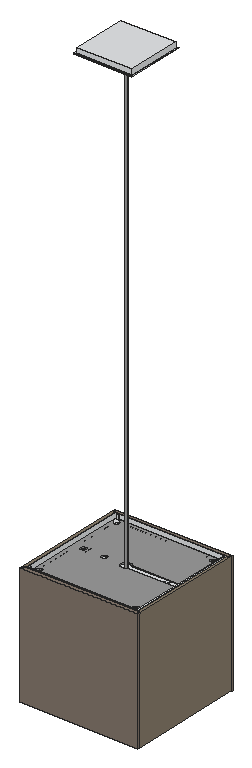
Revit family "Lighting - Lumetta - Pendant - P1112A", category Lighting Fixtures, host Ceiling, Revit 2015
Parameters
  Wattage = 14.4067 W
  built-in parameter 1150110 = 1 (stored number, unit not read)
  URL = "https://lumetta.com/luminaires/linear-acoustic-box-pendant-lighting/"
  built-in parameter 1114217 = 1 (stored number, unit not read)
  Top Lens-Material [instance] = Acrylic - 2447 - White
  Top Lens [instance] = yes
  built-in parameter 1150109 = 1 (stored number, unit not read)
  built-in parameter 1150134 = (empty or 0)
  Suspension [instance] = 1
  built-in parameter 1150113 = 1 (stored number, unit not read)
  P1112A URL [instance] = "https://lumetta.com/luminaires/linear-acoustic-box-pendant-lighting/"
  NON Stem Canopy [instance] = not(Suspension = 3)  # yes
  Model = "P1112A"  # constant formula
  Manufacturer = "Lumetta, Inc."  # constant formula
  Lumens = 2140 lm
  built-in parameter 1150115 = 1 (stored number, unit not read)
  built-in parameter 1150105 = 170.3 (stored number, unit not read)
  Light Source Symbol Size = 0' - 1"
  built-in parameter 1150137 = (empty or 0)
  built-in parameter 1150139 = (empty or 0)
  built-in parameter 1150112 = 1 (stored number, unit not read)
  built-in parameter 1150114 = 1 (stored number, unit not read)
  built-in parameter 1150132 = 2
  built-in parameter 1150102 = (empty or 0)
  built-in parameter 1150138 = (empty or 0)
  built-in parameter 1150107 = 3000 (stored number, unit not read)
  built-in parameter 1150106 = 1.703 (stored number, unit not read)
  Frame Finish [instance] = Paint - Lumetta - F11 - PC_White
  Fixture Drop [instance] = 4' - 0"
  built-in parameter 1150104 = 13.8 (stored number, unit not read)
  Dimming Lamp Color Temperature Shift = (empty or 0)
  Diffuser Material-Shade 1 [instance] = Shade - Lumetta - D806-AC-Yellow
  Diffuser Material-Shade 2 [instance] = Shade - Lumetta - D807-AC-Pumpkin
  Description = "Linear Acoustic Box 12'' Pendant"  # constant formula
  Coupling-Stems over 60 inches [instance] = and(Stem Hung, Fixture Drop > 5' 0")  # no
  Cord Color [instance] = Cord, Black
  Cone Nut-STD-2-3Wire [instance] = Suspension = 1  # yes
  Color Filter = 16777215
  Bushing-LED-4Wire [instance] = Suspension = 2  # no
  Bottom Lens-Material [instance] = Acrylic - P95 - Etched White
  Bottom Lens [instance] = no
  built-in parameter 1114218 = 1 (stored number, unit not read)
  built-in parameter 1150133 = 10 (stored number, unit not read)
  Stem Hung [instance] = Suspension = 3  # no
  1CRD-LED-4Wire [instance] = or(Suspension = 1, Suspension = 2)  # yes
  1 CRD-STD [instance] = or(Suspension = 1, Suspension = 2)  # yes
Reference planes (in)
  plane 1 "Light Source Axis (F/B)": y = 0
  plane 2 "Ceiling": z = 98.08023
  plane 3 "Light Source Axis (L/R)": x = 0
  plane 4 "Light Source Elevation": z = 47.45523
  plane 5 "Fixture Top": z = 50.08023
  plane 6 "Fixture-Height": z = 37.58023
  plane 7 "Lamping Start": z = 47.38052
  plane 8 "Frame Length-Left": x = -5.75
  plane 9 "Frame Length-Right": x = 5.75
  plane 10 "Frame Width-TOP": y = 5.75
  plane 11 "Frame Width-BTM": y = -5.75
  plane 12 "Shadow Tabs": through (-5.75, -5.75, 90) normal (-0.7071, 0.7071, 0)
Forms (in)
  Extrusion 1, solid, material "Paint - Lumetta - F11 - PC_White" <- "Frame Finish", visible <- "NON Stem Canopy"
    sketch origin (0, 0, 98.08023) x (1, 0, 0) y (0, 1, 0)
      loop
        line (-2.875, -2.875) -> (2.875, -2.875) -> (2.875, 2.875) -> (-2.875, 2.875) -> (-2.875, -2.875)
    from 0 to -0.51061
  Extrusion 2, solid, material "Paint - Lumetta - F11 - PC_White" <- "Frame Finish"
    sketch origin (0, 0, 37.58023) x (-1, 0, 0) y (0, -1, 0)
      loop
        line (5.75, -5.75) -> (5.75, 5.75) -> (-5.75, 5.75) -> (-5.75, -5.75) -> (5.75, -5.75)
      loop
        arc (5.14063, -5.25) -> (5.21796, -5.21796) -> (5.25, -5.14063) r 0.10938
        line (5.25, -5.14063) -> (5.25, 5.14062)
        arc (5.25, 5.14062) -> (5.21796, 5.21796) -> (5.14063, 5.25) r 0.10938
        line (5.14063, 5.25) -> (-5.14062, 5.25)
        arc (-5.14062, 5.25) -> (-5.21796, 5.21796) -> (-5.25, 5.14062) r 0.10938
        line (-5.25, 5.14062) -> (-5.25, -5.14063)
        arc (-5.25, -5.14063) -> (-5.21796, -5.21796) -> (-5.14062, -5.25) r 0.10938
        line (-5.14062, -5.25) -> (5.14063, -5.25)
    from 0 to 0.39015
  Extrusion 3, void
    sketch origin (0, 0, 37.58023) x (-1, 0, 0) y (0, -1, 0)
      loop
        line (5.6875, -5.6875) -> (5.6875, 5.6875) -> (-5.6875, 5.6875) -> (-5.6875, -5.6875) -> (5.6875, -5.6875)
    from 0.0625 to 0.64163
  Extrusion 4, solid, material "Paint - Lumetta - F11 - PC_White" <- "Frame Finish"
    sketch origin (0, 0, 36.01773) x (0, -1, 0) y (1, 0, 0)
      loop
        line (-5.75, 5.75) -> (-5.75, 5.3125) -> (-5.6875, 5.3125) -> (-5.6875, 5.6875) -> (-5.3125, 5.6875) -> (-5.3125, 5.75) -> (-5.75, 5.75)
      loop
        line (-5.75, -5.75) -> (-5.3125, -5.75) -> (-5.3125, -5.6875) -> (-5.6875, -5.6875) -> (-5.6875, -5.3125) -> (-5.75, -5.3125) -> (-5.75, -5.75)
      loop
        line (5.75, -5.75) -> (5.75, -5.3125) -> (5.6875, -5.3125) -> (5.6875, -5.6875) -> (5.3125, -5.6875) -> (5.3125, -5.75) -> (5.75, -5.75)
      loop
        line (5.75, 5.75) -> (5.3125, 5.75) -> (5.3125, 5.6875) -> (5.6875, 5.6875) -> (5.6875, 5.3125) -> (5.75, 5.3125) -> (5.75, 5.75)
    from 1.5625 to 14.0625
  Extrusion 5, solid, material "Paint - Lumetta - F11 - PC_White" <- "Frame Finish", visible <- "NON Stem Canopy"
    sketch origin (18, 0.5, 98.08023) x (1, 0, 0) y (0, 1, 0)
      loop
        line (-21, -3.5) -> (-15, -3.5) -> (-15, 2.5) -> (-21, 2.5) -> (-21, -3.5)
      loop
        circle (-18, -0.5) r 0.34375
    from -0.58679 to -0.51061
  Revolve 6, solid, material "Paint - Lumetta - F11 - PC_White" <- "Frame Finish", visible <- "Cone Nut-STD-2-3Wire"
    sketch origin (0, 0, 0) x (1, 0, 0) y (0, 0, 1)
      loop
        line (0, 97.49343) -> (0, 96.99343) -> (0.28122, 96.99343) -> (0.37341, 97.49343) -> (0, 97.49343)
      axis (0, 96.99343) -> (0, 97.49343)
    angle from 0 to 360
  Extrusion 7, solid, material "Cord, Black" <- "Cord Color", visible <- "1 CRD-STD"
    sketch origin (0, 0, 98.08023) x (1, 0, 0) y (0, 1, 0)
      loop
        circle (0, 0) r 0.1566
    from -0.51061 to -49.03586
  Extrusion 8, solid, material "Paint - Lumetta - F11 - PC_White" <- "Frame Finish", visible <- "Stem Hung"
    sketch origin (0, 0, 98.08023) x (1, 0, 0) y (0, 1, 0)
      loop
        circle (0, 0) r 0.25
    from 0 to -48.56826
  Revolve 9, solid, material "Paint - Lumetta - F11 - PC_White" <- "Frame Finish", visible <- "Stem Hung"
    sketch origin (0, 0, 0) x (1, 0, 0) y (0, 0, 1)
      loop
        line (0, 95.47477) -> (0.34943, 95.47477)
        arc (0.34943, 95.47477) -> (0.55736, 95.72688) -> (0.60533, 96.05014) r 0.61
        line (0.60533, 96.05014) -> (0, 96.05014) -> (0, 95.47477)
      axis (0, 95.47477) -> (0, 96.05014)
    angle from 0 to 360
  Extrusion 10, solid, material "Paint - Lumetta - F11 - PC_White" <- "Frame Finish", visible <- "Bushing-LED-4Wire"
    sketch origin (0, 0, 98.08023) x (1, 0, 0) y (0, 1, 0)
      loop
        circle (0, 0) r 0.37341
      loop
        circle (0, 0) r 0.25
    from -0.66289 to -0.58679
  Extrusion 11, solid, material "Shade - Lumetta - D807-AC-Pumpkin" <- "Diffuser Material-Shade 2"
    sketch origin (0, 0, 50.08023) x (0, -1, 0) y (1, 0, 0)
      loop
        line (-5.75, -5.9375) -> (-5.75, 5.9375) -> (-5.9375, 5.9375) -> (-5.9375, 6.125) -> (-6.125, 6.125) -> (-6.125, -6.125) -> (-5.9375, -6.125) -> (-5.9375, -5.9375) -> (-5.75, -5.9375)
      loop
        line (5.75, -5.9375) -> (5.9375, -5.9375) -> (5.9375, -6.125) -> (6.125, -6.125) -> (6.125, 6.125) -> (5.9375, 6.125) -> (5.9375, 5.9375) -> (5.75, 5.9375) -> (5.75, -5.9375)
    from -12.5 to 0
  Extrusion 12, solid, material "Acrylic - P95 - Etched White" <- "Bottom Lens-Material", visible <- "Bottom Lens"
    sketch origin (0, 0, 37.58023) x (-1, 0, 0) y (0, -1, 0)
      loop
        line (5.5, -5.5) -> (5.5, 5.5) -> (-5.5, 5.5) -> (-5.5, -5.5) -> (5.5, -5.5)
    from 0.0625 to 0.1875
  Extrusion 13, solid, material "Paint - Lumetta - F11 - PC_White" <- "Frame Finish", visible <- "Stem Hung"
    sketch origin (0, 0, 98.08023) x (1, 0, 0) y (0, 1, 0)
      loop
        line (-3, 3) -> (-3, -3) -> (3, -3) -> (3, 3) -> (-3, 3)
      loop
        circle (0, 0) r 0.53125
    from -2.30546 to -2.23116
  Extrusion 14, solid, material "Paint - Lumetta - F11 - PC_White" <- "Frame Finish", visible <- "Stem Hung"
    sketch origin (0, 0, 98.08023) x (1, 0, 0) y (0, 1, 0)
      loop
        line (-2.875, 2.875) -> (-2.875, -2.875) -> (2.875, -2.875) -> (2.875, 2.875) -> (-2.875, 2.875)
    from -2.23116 to 0
  Extrusion 15, solid, material "Paint - Lumetta - F11 - PC_White"
    sketch origin (0, 0, 50.08023) x (0, -1, 0) y (1, 0, 0)
      loop
        circle (0, 4.4375) r 0.09399
      loop
        circle (0, -4.4375) r 0.09391
      loop
        line (-1.25, -4.8125) -> (1.25, -4.8125) -> (1.25, 4.8125) -> (-1.25, 4.8125) -> (-1.25, -4.8125)
    from -0.56826 to -0.50686
  Extrusion 16, solid, material "Paint - Lumetta - F11 - PC_White" <- "Frame Finish"
    sketch origin (0, 0, 50.08023) x (0, -1, 0) y (1, 0, 0)
      loop
        line (-5.75, -5.75) -> (5.75, -5.75) -> (5.75, 5.75) -> (-5.75, 5.75) -> (-5.75, -5.75)
      loop
        line (-0.48919, -4.0625) -> (0.5, -4.0625) -> (0.94857, -5.02446)
        arc (0.94857, -5.02446) -> (1.09271, -5.18882) -> (1.3026, -5.25) r 0.39063
        line (1.3026, -5.25) -> (4.05695, -5.25)
        arc (4.05695, -5.25) -> (4.20643, -5.22027) -> (4.33316, -5.13559) r 0.39063
        line (4.33316, -5.13559) -> (5.13559, -4.33316)
        arc (5.13559, -4.33316) -> (5.22027, -4.20643) -> (5.25, -4.05695) r 0.39063
        line (5.25, -4.05695) -> (5.25, 4.05695)
        arc (5.25, 4.05695) -> (5.22027, 4.20643) -> (5.13559, 4.33316) r 0.39063
        line (5.13559, 4.33316) -> (4.33316, 5.13559)
        arc (4.33316, 5.13559) -> (4.20643, 5.22027) -> (4.05695, 5.25) r 0.39063
        line (4.05695, 5.25) -> (1.3026, 5.25)
        arc (1.3026, 5.25) -> (1.09271, 5.18882) -> (0.94857, 5.02446) r 0.39063
        line (0.94857, 5.02446) -> (0.5, 4.0625) -> (-0.48919, 4.0625) -> (-0.93776, 5.02446)
        arc (-0.93776, 5.02446) -> (-1.0819, 5.18882) -> (-1.29178, 5.25) r 0.39063
        line (-1.29178, 5.25) -> (-4.05695, 5.25)
        arc (-4.05695, 5.25) -> (-4.20643, 5.22027) -> (-4.33316, 5.13559) r 0.39063
        line (-4.33316, 5.13559) -> (-5.13559, 4.33316)
        arc (-5.13559, 4.33316) -> (-5.22027, 4.20643) -> (-5.25, 4.05695) r 0.39063
        line (-5.25, 4.05695) -> (-5.25, -4.05695)
        arc (-5.25, -4.05695) -> (-5.22027, -4.20643) -> (-5.13559, -4.33316) r 0.39063
        line (-5.13559, -4.33316) -> (-4.33316, -5.13559)
        arc (-4.33316, -5.13559) -> (-4.20643, -5.22027) -> (-4.05695, -5.25) r 0.39063
        line (-4.05695, -5.25) -> (-1.29178, -5.25)
        arc (-1.29178, -5.25) -> (-1.0819, -5.18882) -> (-0.93776, -5.02446) r 0.39063
        line (-0.93776, -5.02446) -> (-0.48919, -4.0625)
      loop
        circle (0, -4.4375) r 0.09489
      loop
        circle (0, 4.4375) r 0.09546
      loop
        circle (-5.0021, -5) r 0.10938
      loop
        circle (-5.0021, 5) r 0.10938
      loop
        circle (5.0021, -5) r 0.10938
      loop
        circle (5.0021, 5) r 0.10938
    from -0.50686 to 0
  Extrusion 17, solid, material "Acrylic - 2447 - White" <- "Top Lens-Material", visible <- "Top Lens"
    sketch origin (0, 0, 50.08023) x (0, -1, 0) y (1, 0, 0)
      loop
        arc (-5.59375, -5.04511) -> (-5.55517, -5.10286) -> (-5.48706, -5.08931) r 0.0625
        line (-5.48706, -5.08931) -> (-5.19887, -4.80113)
        arc (-5.19887, -4.80113) -> (-4.80113, -4.80113) -> (-4.80113, -5.19887) r 0.28125
        line (-4.80113, -5.19887) -> (-5.08931, -5.48706)
        arc (-5.08931, -5.48706) -> (-5.10286, -5.55517) -> (-5.04511, -5.59375) r 0.0625
        line (-5.04511, -5.59375) -> (5.04511, -5.59375)
        arc (5.04511, -5.59375) -> (5.10286, -5.55517) -> (5.08931, -5.48706) r 0.0625
        line (5.08931, -5.48706) -> (4.80113, -5.19887)
        arc (4.80113, -5.19887) -> (4.80113, -4.80113) -> (5.19887, -4.80113) r 0.28125
        line (5.19887, -4.80113) -> (5.48706, -5.08931)
        arc (5.48706, -5.08931) -> (5.55517, -5.10286) -> (5.59375, -5.04511) r 0.0625
        line (5.59375, -5.04511) -> (5.59375, 5.04511)
        arc (5.59375, 5.04511) -> (5.55517, 5.10286) -> (5.48706, 5.08931) r 0.0625
        line (5.48706, 5.08931) -> (5.19887, 4.80113)
        arc (5.19887, 4.80113) -> (4.80113, 4.80113) -> (4.80113, 5.19887) r 0.28125
        line (4.80113, 5.19887) -> (5.08931, 5.48706)
        arc (5.08931, 5.48706) -> (5.10286, 5.55517) -> (5.04511, 5.59375) r 0.0625
        line (5.04511, 5.59375) -> (0.26563, 5.59375) -> (0.26563, 0.42361)
        arc (0.26563, 0.42361) -> (0, -0.5) -> (-0.26563, 0.42361) r 0.5
        line (-0.26563, 0.42361) -> (-0.26563, 5.59375) -> (-5.04511, 5.59375)
        arc (-5.04511, 5.59375) -> (-5.10286, 5.55517) -> (-5.08931, 5.48706) r 0.0625
        line (-5.08931, 5.48706) -> (-4.80113, 5.19887)
        arc (-4.80113, 5.19887) -> (-4.80113, 4.80113) -> (-5.19887, 4.80113) r 0.28125
        line (-5.19887, 4.80113) -> (-5.48706, 5.08931)
        arc (-5.48706, 5.08931) -> (-5.55517, 5.10286) -> (-5.59375, 5.04511) r 0.0625
        line (-5.59375, 5.04511) -> (-5.59375, -5.04511)
      loop
        circle (0, -2.25) r 0.28125
      loop
        circle (0, -4.4375) r 0.28125
    from -0.44014 to -0.38558
  Revolve 18, solid, material "Paint - Lumetta - F11 - PC_White" <- "Frame Finish", visible <- "Coupling-Stems over 60 inches"
    sketch origin (0, 0, 0) x (1, 0, 0) y (0, 0, 1)
      loop
        line (0, 110.34339) -> (0, 109.82777) -> (0.2625, 109.82777)
        arc (0.2625, 109.82777) -> (0.31245, 109.87549) -> (0.26706, 109.92756) r 0.05
        arc (0.26706, 109.92756) -> (0.29372, 110.08584) -> (0.26313, 110.2434) r 0.45
        arc (0.26313, 110.2434) -> (0.3125, 110.29371) -> (0.2625, 110.34339) r 0.05
        line (0.2625, 110.34339) -> (0, 110.34339)
      axis (0, 109.82777) -> (0, 110.34339)
    angle from 0 to 360
  Revolve 19, solid, material "Paint - Lumetta - F11 - PC_White" <- "Frame Finish", visible <- "Bushing-LED-4Wire"
    sketch origin (0, 0, 0) x (1, 0, 0) y (0, 0, 1)
      loop
        arc (-1.9375, 97.14968) -> (-1.75, 97.33718) -> (-1.9375, 97.52468) r 0.1875
        line (-1.9375, 97.52468) -> (-1.9375, 97.14968)
      axis (-1.9375, 97.52468) -> (-1.9375, 97.14968)
    angle from 0 to 360
  Revolve 20, solid, material "Paint - Lumetta - F11 - PC_White" <- "Frame Finish", visible <- "Bushing-LED-4Wire"
    sketch origin (0, 0, 0) x (-1, 0, 0) y (0, 0, 1)
      loop
        arc (-1.9375, 97.14968) -> (-1.75, 97.33718) -> (-1.9375, 97.52468) r 0.1875
        line (-1.9375, 97.52468) -> (-1.9375, 97.14968)
      axis (-1.9375, 97.52468) -> (-1.9375, 97.14968)
    angle from 0 to 360
  Revolve 21, solid, material "Paint - Lumetta - F11 - PC_White" <- "Frame Finish", visible <- "Stem Hung"
    sketch origin (0, 0, -1.71866) x (1, 0, 0) y (0, 0, 1)
      loop
        arc (-1.9375, 97.14968) -> (-1.75, 97.33718) -> (-1.9375, 97.52468) r 0.1875
        line (-1.9375, 97.52468) -> (-1.9375, 97.14968)
      axis (-1.9375, 97.52468) -> (-1.9375, 97.14968)
    angle from 0 to 360
  Revolve 22, solid, material "Paint - Lumetta - F11 - PC_White" <- "Frame Finish", visible <- "Stem Hung"
    sketch origin (0, 0, -1.71866) x (-1, 0, 0) y (0, 0, 1)
      loop
        arc (-1.9375, 97.14968) -> (-1.75, 97.33718) -> (-1.9375, 97.52468) r 0.1875
        line (-1.9375, 97.52468) -> (-1.9375, 97.14968)
      axis (-1.9375, 97.52468) -> (-1.9375, 97.14968)
    angle from 0 to 360
  Extrusion 23, void
    sketch origin (0, 0, 50.08023) x (0, -1, 0) y (1, 0, 0)
      loop
        line (-5.6875, -5.6875) -> (5.6875, -5.6875) -> (5.6875, 5.6875) -> (-5.6875, 5.6875) -> (-5.6875, -5.6875)
    from -0.44014 to 0
  Extrusion 24, solid, material "Shade - Lumetta - D806-AC-Yellow" <- "Diffuser Material-Shade 1"
    sketch origin (0, 0, 50.08023) x (0, -1, 0) y (1, 0, 0)
      loop
        line (-5.9375, 6.125) -> (-5.9375, 5.9375) -> (-5.75, 5.9375) -> (-5.75, 5.75) -> (5.75, 5.75) -> (5.75, 5.9375) -> (5.9375, 5.9375) -> (5.9375, 6.125) -> (-5.9375, 6.125)
      loop
        line (-5.9375, -6.125) -> (5.9375, -6.125) -> (5.9375, -5.9375) -> (5.75, -5.9375) -> (5.75, -5.75) -> (-5.75, -5.75) -> (-5.75, -5.9375) -> (-5.9375, -5.9375) -> (-5.9375, -6.125)
    from -12.5 to 0
Cuts and joins
  Extrusion 3 cuts Extrusion 2
  Extrusion 23 cuts Extrusion 4
  Extrusion 23 cuts Extrusion 16
Dimensions and locks (in)
  equal spacing: host sketch curve, plane 3 "Light Source Axis (L/R)", host sketch curve
  equal spacing: host sketch curve, plane 1 "Light Source Axis (F/B)", host sketch curve
  host sketch curve to host sketch curve = 10' - 0"  (x2)
  locked: plane 5 "Fixture Top" to plane 4 "Light Source Elevation" at 2.625
  plane 5 "Fixture Top" to plane 6 "Fixture-Height" = 1' - 0 1/2"
  locked: Extrusion 5 to Revolve 6 sketch curve at 0.5
  locked: Extrusion 10 sketch curve to plane 3 "Light Source Axis (L/R)" at 0
  plane 5 "Fixture Top" to plane 7 "Lamping Start" = 0' - 2.69971"
  locked: cut or joined group of Extrusion 2, Extrusion 3 to plane 6 "Fixture-Height" at 0.0625
  plane 3 "Light Source Axis (L/R)" to Revolve 6 sketch curve = 0' - 0"
  Extrusion 7 sketch curve to plane 3 "Light Source Axis (L/R)" = 0' - 0"
  equal spacing: plane 8 "Frame Length-Left", plane 3 "Light Source Axis (L/R)", plane 9 "Frame Length-Right"
  locked: plane 8 "Frame Length-Left" to plane 9 "Frame Length-Right" at 11.5
  equal spacing: plane 10 "Frame Width-TOP", plane 1 "Light Source Axis (F/B)", plane 11 "Frame Width-BTM"
  locked: plane 10 "Frame Width-TOP" to plane 11 "Frame Width-BTM" at 11.5
  locked: Extrusion 4 sketch curve to plane 8 "Frame Length-Left" at 0  (x2)
  locked: Extrusion 4 sketch curve to plane 10 "Frame Width-TOP" at 0  (x2)
  Extrusion 4 sketch curve to plane 11 "Frame Width-BTM" = 0' - 0"
  locked: Extrusion 4 sketch curve to plane 9 "Frame Length-Right" at 0  (x2)
  locked: Extrusion 4 sketch curve to plane 11 "Frame Width-BTM" at 0
  locked: Extrusion 4 sketch curve to plane 10 "Frame Width-TOP" at 0.4375
  locked: Extrusion 4 sketch curve to plane 11 "Frame Width-BTM" at 0.4375
  locked: plane 10 "Frame Width-TOP" to Extrusion 4 sketch curve at 0.4375
  locked: plane 11 "Frame Width-BTM" to Extrusion 4 sketch curve at 0.4375
  locked: plane 8 "Frame Length-Left" to Extrusion 3 sketch curve at 0.0625
  locked: Extrusion 3 sketch curve to plane 9 "Frame Length-Right" at 0.0625
  locked: plane 8 "Frame Length-Left" to Extrusion 2 sketch curve
  locked: Extrusion 2 sketch curve to Extrusion 2 sketch curve at 0.5  (x2)
  locked: Extrusion 2 sketch curve to plane 9 "Frame Length-Right"
  locked: Extrusion 12 sketch curve to plane 9 "Frame Length-Right" at 0.25
  locked: Extrusion 12 sketch curve to plane 10 "Frame Width-TOP" at 0.25
  locked: Extrusion 12 sketch curve to plane 11 "Frame Width-BTM" at 0.25
  locked: plane 8 "Frame Length-Left" to Extrusion 12 sketch curve at 0.25
  equal spacing: Extrusion 5 sketch curve, plane 1 "Light Source Axis (F/B)", Extrusion 5 sketch curve
  equal spacing: Extrusion 5 sketch curve, plane 3 "Light Source Axis (L/R)", Extrusion 5 sketch curve
  locked: Extrusion 5 sketch curve to Extrusion 5 sketch curve at 6  (x2)
  locked: Extrusion 5 to Extrusion 1 sketch curve at 0.125  (x3)
  locked: Extrusion 1 sketch curve to Extrusion 5 at 0.125
  locked: plane 6 "Fixture-Height" to Extrusion 11 at 0
  locked: Extrusion 4 to plane 6 "Fixture-Height" at 0
  Extrusion 10 sketch curve to Extrusion 10 sketch curve = 0' - 0"
  locked: Revolve 6 sketch curve to Revolve 6 sketch curve at 0
  locked: Revolve 6 sketch curve to Revolve 6 sketch curve at 0.28122
  locked: Revolve 6 sketch curve to Revolve 6 sketch curve at 0.37341
  Extrusion 5 to Revolve 9 sketch curve = 0' - 2.01866"
  locked: plane 3 "Light Source Axis (L/R)" to Revolve 9 sketch curve at 0
  locked: plane 2 "Ceiling" to Extrusion 1 at 0.51061
  locked: Extrusion 1 to Extrusion 5 at 0.07619
  locked: Extrusion 5 to Extrusion 10 at 0.07609
  locked: Extrusion 13 sketch curve to Extrusion 5  (x4)
  locked: Extrusion 13 to Extrusion 13 at 0.07429
  locked: plane 2 "Ceiling" to Extrusion 13 at 2.23116
  locked: Extrusion 13 to Extrusion 14 sketch curve at 0.125  (x3)
  locked: Extrusion 14 sketch curve to Extrusion 13 at 0.125
  locked: Extrusion 4 sketch curve to Extrusion 4 sketch curve at 0.4375  (x4)
  locked: Extrusion 4 sketch curve to Extrusion 4 sketch curve at 0.0625  (x8)
  locked: cut or joined group of Extrusion 2, Extrusion 3 to plane 6 "Fixture-Height" at 0.39015
  locked: Extrusion 2 sketch curve to plane 10 "Frame Width-TOP" at 0.5
  locked: Extrusion 2 sketch curve to plane 11 "Frame Width-BTM" at 0.5
  locked: Extrusion 3 sketch curve to plane 10 "Frame Width-TOP" at 0.0625
  locked: Extrusion 3 sketch curve to plane 11 "Frame Width-BTM" at 0.0625
  locked: Extrusion 15 sketch curve to plane 3 "Light Source Axis (L/R)" at 4.4375
  locked: plane 3 "Light Source Axis (L/R)" to Extrusion 15 sketch curve at 4.4375
  locked: plane 1 "Light Source Axis (F/B)" to Extrusion 15 sketch curve at 1.25  (x2)
  locked: plane 3 "Light Source Axis (L/R)" to Extrusion 15 sketch curve at 4.8125
  locked: Extrusion 15 sketch curve to plane 3 "Light Source Axis (L/R)" at 4.8125
  locked: Extrusion 16 sketch curve to plane 8 "Frame Length-Left" at 0
  locked: Extrusion 16 sketch curve to plane 10 "Frame Width-TOP" at 0
  locked: Extrusion 16 sketch curve to plane 9 "Frame Length-Right" at 0
  locked: Extrusion 16 sketch curve to plane 11 "Frame Width-BTM" at 0
  plane 1 "Light Source Axis (F/B)" to Extrusion 16 sketch curve = 0' - 0.48919"
  locked: Extrusion 16 sketch curve to plane 3 "Light Source Axis (L/R)" at 4.0625
  locked: plane 3 "Light Source Axis (L/R)" to Extrusion 16 sketch curve at 4.0625
  locked: Extrusion 16 sketch curve to plane 3 "Light Source Axis (L/R)" at 4.4375
  locked: plane 3 "Light Source Axis (L/R)" to Extrusion 16 sketch curve at 4.4375
  plane 10 "Frame Width-TOP" to Extrusion 16 sketch curve = 0' - 0.7479"
  plane 8 "Frame Length-Left" to Extrusion 16 sketch curve = 0' - 0 3/4"
  locked: Revolve 9 sketch curve to Extrusion 13 at 0.2
  locked: Extrusion 13 to Revolve 9 sketch curve at 0.3
  locked: Revolve 18 sketch curve to Revolve 18 sketch curve at 0.05  (x2)
  locked: plane 3 "Light Source Axis (L/R)" to Revolve 18 sketch curve at 0.15625
  locked: Revolve 18 sketch curve to plane 3 "Light Source Axis (L/R)" at 0.2625  (x2)
  locked: Revolve 18 sketch curve to Revolve 18 sketch curve at 0.51563
  locked: host ceiling to plane 2 "Ceiling"
  locked: Extrusion 11 sketch curve to plane 10 "Frame Width-TOP" at 0
  Extrusion 11 sketch curve to Extrusion 11 sketch curve = 0' - 0 3/8"
  locked: plane 1 "Light Source Axis (F/B)" to Extrusion 16 sketch curve at 0.48919  (x2)
  locked: Extrusion 16 sketch curve to plane 1 "Light Source Axis (F/B)" at 0.5  (x2)
  locked: Extrusion 16 sketch curve to plane 1 "Light Source Axis (F/B)"  (x2)
  plane 5 "Fixture Top" to Extrusion 15 = 0' - 0.50686"
  locked: Extrusion 15 to Extrusion 15 at 0.06141
  locked: Extrusion 17 sketch curve to plane 3 "Light Source Axis (L/R)" at 5.59375
  locked: plane 3 "Light Source Axis (L/R)" to Extrusion 17 sketch curve at 5.59375  (x2)
  locked: plane 1 "Light Source Axis (F/B)" to Extrusion 17 sketch curve at 5.59375
  locked: Extrusion 17 sketch curve to plane 1 "Light Source Axis (F/B)" at 0.26562
  locked: Extrusion 17 sketch curve to plane 3 "Light Source Axis (L/R)" at 5
  locked: plane 1 "Light Source Axis (F/B)" to Extrusion 17 sketch curve at 5
  locked: Extrusion 17 sketch curve to plane 1 "Light Source Axis (F/B)"  (x2)
  locked: Extrusion 17 sketch curve to plane 3 "Light Source Axis (L/R)" at 4.4375
  locked: Extrusion 17 sketch curve to plane 3 "Light Source Axis (L/R)" at 2.25
  locked: Extrusion 17 sketch curve to plane 1 "Light Source Axis (F/B)" at 5.59375
  locked: Extrusion 5 to Revolve 19 sketch curve at 0.15625
  plane 3 "Light Source Axis (L/R)" to Revolve 19 sketch curve = 0' - 1 15/16"
  locked: Extrusion 16 sketch curve to plane 3 "Light Source Axis (L/R)" at 5
  locked: plane 1 "Light Source Axis (F/B)" to Extrusion 16 sketch curve at 5.0021
  locked: Extrusion 17 to Extrusion 17 at 0.05456
  locked: plane 5 "Fixture Top" to cut or joined group of Extrusion 16, Extrusion 23 at 0.50686
  "Fixture Drop": plane 2 "Ceiling" to plane 5 "Fixture Top"
  locked: Revolve 18 sketch curve to plane 5 "Fixture Top" at 60
  locked: plane 9 "Frame Length-Right" to Extrusion 11 sketch curve at 0.375
  locked: Extrusion 11 sketch curve to plane 8 "Frame Length-Left" at 0.375
  locked: plane 10 "Frame Width-TOP" to Extrusion 11 sketch curve at 0.1875  (x2)
  locked: Extrusion 11 sketch curve to Extrusion 11 sketch curve at 0.1875  (x4)
  locked: cut or joined group of Extrusion 16, Extrusion 23 to plane 9 "Frame Length-Right" at 0
  locked: cut or joined group of Extrusion 16, Extrusion 23 to Extrusion 24 sketch curve at 0.375
  locked: Extrusion 16 sketch curve to plane 1 "Light Source Axis (F/B)" (angle 25.00°)  (x2)
  locked: plane 1 "Light Source Axis (F/B)" to Extrusion 16 sketch curve (angle 25.00°)  (x2)
  aligned and locked: plane 3 "Light Source Axis (L/R)" to imposter light
  aligned and locked: plane 1 "Light Source Axis (F/B)" to imposter light
  aligned and locked: plane 4 "Light Source Elevation" to imposter light
  aligned and locked: Extrusion 7 to Extrusion 1
  aligned and locked: plane 2 "Ceiling" to Extrusion 8
  aligned and locked: Extrusion 2 to plane 6 "Fixture-Height"
  aligned and locked: Extrusion 4 to plane 5 "Fixture Top"
  aligned and locked: Extrusion 5 to Extrusion 1
  aligned and locked: Extrusion 10 to Extrusion 5
  aligned and locked: Extrusion 14 to Extrusion 13
  aligned and locked: plane 2 "Ceiling" to Extrusion 14
  aligned and locked: Extrusion 15 to Extrusion 8
  aligned and locked: Revolve 19 sketch curve to Revolve 19 sketch curve
  aligned and locked: Revolve 20 sketch curve to Revolve 20 sketch curve
  aligned and locked: Revolve 21 sketch curve to Revolve 21 sketch curve
  aligned and locked: Revolve 22 sketch curve to Revolve 22 sketch curve
  aligned and locked: Extrusion 16 to plane 5 "Fixture Top"
  aligned and locked: Extrusion 23 to Extrusion 17
  aligned and locked: Extrusion 23 to plane 5 "Fixture Top"
  aligned and locked: Extrusion 15 to cut or joined group of Extrusion 16, Extrusion 23
  aligned and locked: Extrusion 11 to plane 5 "Fixture Top"
  aligned and locked: Extrusion 24 to cut or joined group of Extrusion 2, Extrusion 3
  aligned and locked: Extrusion 24 to plane 5 "Fixture Top"
Automatic sketch dimensions
  Extrusion 2 sketch curve to plane 10 "Frame Width-TOP" = 0' - 0"
  Extrusion 2 sketch curve to plane 11 "Frame Width-BTM" = 0' - 0"
  Extrusion 2 sketch curve to Extrusion 2 sketch curve = 0' - 0 7/64"  (x4)
  plane 1 "Light Source Axis (F/B)" to Extrusion 5 sketch curve = 0' - 0"
  Extrusion 5 sketch curve to plane 3 "Light Source Axis (L/R)" = 0' - 0"
  plane 1 "Light Source Axis (F/B)" to Extrusion 7 sketch curve = 0' - 0"
  plane 1 "Light Source Axis (F/B)" to Extrusion 8 sketch curve = 0' - 0"
  Extrusion 8 sketch curve to plane 3 "Light Source Axis (L/R)" = 0' - 0"
  Extrusion 10 sketch curve to Extrusion 10 sketch curve = 0' - 0"
  plane 1 "Light Source Axis (F/B)" to Extrusion 10 sketch curve = 0' - 0"
  plane 1 "Light Source Axis (F/B)" to Extrusion 13 sketch curve = 0' - 0"
  Extrusion 13 sketch curve to plane 3 "Light Source Axis (L/R)" = 0' - 0"
  plane 1 "Light Source Axis (F/B)" to Extrusion 15 sketch curve = 0' - 0"  (x2)
  Extrusion 17 sketch curve to plane 12 "Shadow Tabs" = 0' - 0"  (x2)
  plane 1 "Light Source Axis (F/B)" to Extrusion 17 sketch curve = 0' - 0"
  Extrusion 17 sketch curve to plane 3 "Light Source Axis (L/R)" = 0' - 0"
  Extrusion 17 sketch curve to Extrusion 17 sketch curve = 0' - 0 1/16"  (x3)
  Extrusion 17 sketch curve to Extrusion 17 sketch curve = 0' - 0.04419"  (x7)
  Extrusion 17 sketch curve to Extrusion 17 sketch curve = 0' - 0.28818"  (x3)
  Extrusion 17 sketch curve to Extrusion 17 sketch curve = 0' - 0.19887"  (x12)
  plane 8 "Frame Length-Left" to Extrusion 17 sketch curve = 0' - 0.26294"  (x2)
  Extrusion 17 sketch curve to Extrusion 17 sketch curve = 0' - 0.08931"
  Extrusion 17 sketch curve to plane 9 "Frame Length-Right" = 0' - 0.26294"  (x2)
  Extrusion 17 sketch curve to Extrusion 17 sketch curve = 0' - 0.39775"
  plane 1 "Light Source Axis (F/B)" to Extrusion 17 sketch curve = 0' - 0 17/64"
  Extrusion 17 sketch curve to Extrusion 17 sketch curve = 0' - 0.79262"  (x2)
  Extrusion 17 sketch curve to Extrusion 17 sketch curve = 0' - 0.24399"  (x4)
  Extrusion 17 sketch curve to Extrusion 17 sketch curve = 0' - 0.10669"  (x2)
  plane 3 "Light Source Axis (L/R)" to Extrusion 17 sketch curve = 0' - 0.42361"
  Extrusion 17 sketch curve to Extrusion 17 sketch curve = 0' - 0.68593"
  Extrusion 16 sketch curve to plane 10 "Frame Width-TOP" = 0' - 0 1/2"
  Extrusion 16 sketch curve to Extrusion 16 sketch curve = 0' - 0.11441"  (x3)
  Extrusion 16 sketch curve to Extrusion 16 sketch curve = 0' - 0.13349"
  Extrusion 16 sketch curve to Extrusion 16 sketch curve = 0' - 0 25/64"  (x2)
  plane 8 "Frame Length-Left" to Extrusion 16 sketch curve = 0' - 0.61441"  (x2)
  Extrusion 16 sketch curve to Extrusion 16 sketch curve = 0' - 0.66894"  (x4)
  Extrusion 16 sketch curve to plane 9 "Frame Length-Right" = 0' - 0.61441"  (x2)
  Extrusion 16 sketch curve to Extrusion 16 sketch curve = 0' - 0.27621"  (x6)
  plane 8 "Frame Length-Left" to Extrusion 16 sketch curve = 0' - 0 1/2"
  Extrusion 16 sketch curve to plane 1 "Light Source Axis (F/B)" = 0' - 1.29178"  (x2)
  Extrusion 16 sketch curve to plane 9 "Frame Length-Right" = 0' - 0 1/2"
  Extrusion 16 sketch curve to plane 9 "Frame Length-Right" = 0' - 0.72554"  (x2)
  plane 8 "Frame Length-Left" to Extrusion 16 sketch curve = 0' - 0.72554"  (x2)
  Extrusion 16 sketch curve to Extrusion 16 sketch curve = 0' - 0.35403"  (x2)
  plane 8 "Frame Length-Left" to Extrusion 16 sketch curve = 0' - 0 57/64"
  plane 11 "Frame Width-BTM" to Extrusion 16 sketch curve = 0' - 1.69305"  (x2)
  Extrusion 16 sketch curve to plane 9 "Frame Length-Right" = 0' - 0 57/64"
  plane 11 "Frame Width-BTM" to Extrusion 16 sketch curve = 0' - 0 57/64"  (x2)
  Extrusion 16 sketch curve to Extrusion 16 sketch curve = 0' - 0.13559"
  Extrusion 16 sketch curve to Extrusion 16 sketch curve = 0' - 0.66684"  (x4)
  Extrusion 16 sketch curve to Extrusion 16 sketch curve = 0' - 0.80243"  (x2)
  Extrusion 23 sketch curve to plane 12 "Shadow Tabs" = 0' - 0"  (x2)
  Extrusion 23 sketch curve to plane 9 "Frame Length-Right" = 0' - 0 1/16"
  plane 8 "Frame Length-Left" to Extrusion 23 sketch curve = 0' - 0 1/16"
  Revolve 6 sketch curve to plane 3 "Light Source Axis (L/R)" = 0' - 0"
  Revolve 6 sketch curve to Revolve 6 sketch curve = 0' - 0 1/2"
  Revolve 6 sketch curve to Revolve 6 sketch curve = 0' - 0"
  plane 2 "Ceiling" to Revolve 6 sketch curve = 0' - 2 11/16"
  Revolve 9 sketch curve to plane 3 "Light Source Axis (L/R)" = 0' - 0"  (x2)
  Revolve 9 sketch curve to Revolve 9 sketch curve = 0' - 0.34943"
  Revolve 9 sketch curve to Revolve 9 sketch curve = 0' - 0.60533"
  Revolve 9 sketch curve to Revolve 9 sketch curve = 0' - 11.73134"
  plane 2 "Ceiling" to Revolve 9 sketch curve = 0' - 2 15/16"
  Extrusion 11 sketch curve to plane 11 "Frame Width-BTM" = 0' - 0"
  Extrusion 11 sketch curve to plane 12 "Shadow Tabs" = 0' - 0"  (x2)
  Extrusion 11 sketch curve to Extrusion 11 sketch curve = 0' - 0 3/16"  (x2)
  plane 9 "Frame Length-Right" to Extrusion 11 sketch curve = 0' - 0 3/16"
  Revolve 18 sketch curve to plane 3 "Light Source Axis (L/R)" = 0' - 0"  (x2)
  Revolve 18 sketch curve to Revolve 18 sketch curve = 0' - 0.20246"
  Revolve 18 sketch curve to Revolve 18 sketch curve = 0' - 0.00063"
  plane 2 "Ceiling" to Revolve 18 sketch curve = 0' - 8.49754"
  Revolve 18 sketch curve to Revolve 18 sketch curve = 0' - 6 3/4"
  Revolve 19 sketch curve to Revolve 19 sketch curve = 0' - 0 3/16"
  Revolve 19 sketch curve to Revolve 19 sketch curve = 0' - 0 7/8"
  Revolve 19 sketch curve to Revolve 19 sketch curve = 0' - 0"
  plane 2 "Ceiling" to Revolve 20 sketch curve = 0' - 0.55554"
  Revolve 20 sketch curve to plane 3 "Light Source Axis (L/R)" = 0' - 1 15/16"
  Revolve 20 sketch curve to Revolve 20 sketch curve = 0' - 0 3/16"
  Revolve 20 sketch curve to Revolve 20 sketch curve = 0' - 0"
  Revolve 20 sketch curve to Revolve 20 sketch curve = 0' - 0 7/8"
  Revolve 21 sketch curve to plane 3 "Light Source Axis (L/R)" = 0' - 1 15/16"
  Revolve 21 sketch curve to plane 2 "Ceiling" = 0' - 2.64921"
  Revolve 21 sketch curve to Revolve 21 sketch curve = 0' - 0 3/16"
  Revolve 21 sketch curve to Revolve 21 sketch curve = 0' - 0 7/8"
  Revolve 21 sketch curve to Revolve 21 sketch curve = 0' - 0"
  Revolve 22 sketch curve to plane 3 "Light Source Axis (L/R)" = 0' - 1 15/16"
  plane 2 "Ceiling" to Revolve 22 sketch curve = 0' - 2.64921"
  Revolve 22 sketch curve to Revolve 22 sketch curve = 0' - 0 3/16"
  Revolve 22 sketch curve to Revolve 22 sketch curve = 0' - 0 7/8"
  Revolve 22 sketch curve to Revolve 22 sketch curve = 0' - 0"
  plane 12 "Shadow Tabs" to Extrusion 24 sketch curve = 0' - 0"
  Extrusion 24 sketch curve to plane 8 "Frame Length-Left" = 0' - 0"
  Extrusion 24 sketch curve to plane 10 "Frame Width-TOP" = 0' - 0"  (x2)
  Extrusion 24 sketch curve to plane 9 "Frame Length-Right" = 0' - 0"
  Extrusion 24 sketch curve to plane 11 "Frame Width-BTM" = 0' - 0"  (x2)
  Extrusion 24 sketch curve to plane 12 "Shadow Tabs" = 0' - 0"
  plane 10 "Frame Width-TOP" to Extrusion 24 sketch curve = 0' - 0 3/16"
  plane 9 "Frame Length-Right" to Extrusion 24 sketch curve = 0' - 0 3/16"  (x2)
  Extrusion 24 sketch curve to plane 11 "Frame Width-BTM" = 0' - 0 3/16"
  Extrusion 24 sketch curve to Extrusion 24 sketch curve = 0' - 0 3/16"  (x2)
  Extrusion 24 sketch curve to plane 8 "Frame Length-Left" = 0' - 0 3/16"
  radius of Extrusion 5 sketch curve = 0' - 0 11/32"
  radius of Extrusion 7 sketch curve = 0' - 0.1566"
  radius of Extrusion 8 sketch curve = 0' - 0 1/4"
  radius of Extrusion 10 sketch curve = 0' - 0.37341"
  radius of Extrusion 10 sketch curve = 0' - 0 1/4"
  radius of Extrusion 13 sketch curve = 0' - 0 17/32"
  radius of Extrusion 15 sketch curve = 0' - 0.09399"
  radius of Extrusion 15 sketch curve = 0' - 0.09391"
  radius of Extrusion 17 sketch curve = 0' - 0 9/32"  (x2)
  radius of Extrusion 16 sketch curve = 0' - 0.09489"
  radius of Extrusion 16 sketch curve = 0' - 0.09546"
  radius of Extrusion 16 sketch curve = 0' - 0 7/64"  (x4)
